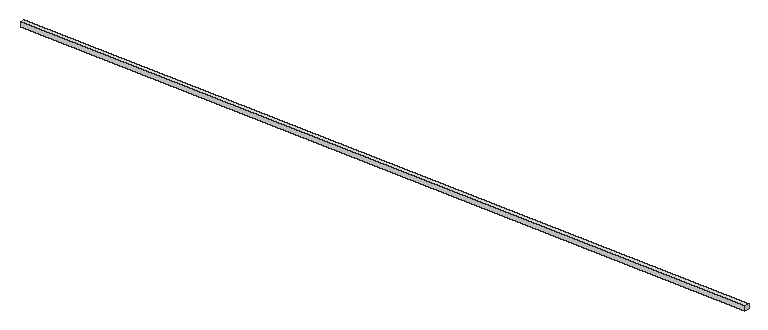
Revit family "MarshallTufflex_ElectricalFittings_TrunkingDado_Mini_MMT1a", category Generic Models, host Face, Revit 2016 (continued)
Definition of nested family "MarshallTufflex_ElectricalFittings_TrunkingDado_ExternalBend"
  Parameters (values of type "MarshallTufflex_ElectricalFittings_TrunkingDado_Mini_ExternalBend_TEB6")
    NominalLength = 0.000 mm
    NominalHeight = 0.000 mm
    NominalDepth = 0.000 mm
    NBSReference = "90-55-10/390"
    NBSOfficeMasterTag = "n/a"
    NBSObjectName = "MT MiniExternalBendTEB6"
    NBSNote = ""
    NBSDescription = "Proprietry Tunking"
    Monthly [instance] = "Please Record On Commisioning"
    ModelReference = "Mini"
    ModelNumber = "TEB6"
    Model = "Mini"
    MaterialIngredientReporting = "n/a"
    Material = "PVCu"
    ManufacturerWebsite = "www.marshall-tufflex.com"
    ManufacturerName = "Marshall-Tufflex Ltd"
    Manufacturer = "Marshall-Tufflex Ltd"
    LocationOfManufacturer = "N 50°52'39\" E 0°31'41\""
    LifeCycleAnalysis = "n/a"
    LidConfiguration = "Tamper Proof"
    Keynote = "V90"
    InstallationDate [instance] = "Please Record On Commisioning"
    IfcExportType = "IfcCableSegmentType"
    IfcExportAs = "IfcFlowSegment"
    GrossWeight = 0
    GreenGuideforSpecification = 0
    Grade = "n/a"
    Fittings = "www.marshall-tufflex.com"
    Finish = "Matt"
    Features = "Variety of sizes, self-fixing and punched options"
    ExpectedLife = 0
    ErPEnergyLabel = "n/a"
    EnvironmentalProductDeclaration = "n/a"
    EnergyTechnologyList = "n/a"
    EnclosureRating = "IP4X"
    EmbodiedCarbon = 0
    DurationUnit = "Years"
    DocumentationTechnical = "www.marshall-tufflex.com"
    DocumentationMaintenance = "www.marshall-tufflex.com"
    DocumentationLiterature = "www.marshall-tufflex.com"
    DocumentationInstallationGuide = "www.marshall-tufflex.com"
    DocumentationCertificates = "www.marshall-tufflex.com"
    Description = "Trunking Dado MT Mini External Bend TEB6"
    Default Elevation = 1200.000 mm
    Daily [instance] = "Please Record On Commisioning"
    CreatedOn = "2018-11-16T09:00:00"
    CreatedBy = "Sales@marshall-tufflex.com"
    Cost = 0
    Constituents = "Mini Trunking"
    Compartments = "No"
    Colour = "White (RAL9003)"
    Color = "White (RAL9003)"
    CodePerformance = "n/a"
    ClassificationValue = "Pr_65_70_11_61"
    ClassificationName = "Uniclass2015"
    CEApproval = "Yes"
    BespokeTimeframe [instance] = "Please Record On Commisioning"
    BarCode [instance] = "Please Record On Commisioning"
    BIMObjectName = "MarshallTufflex_ElectricalFittings_TrunkingDado_Mini_ExternalBend_TEB6"
    AssetType = "Fixed"
    AssetIdentifier [instance] = "Please Record On Commisioning"
    Assembly Code = "D5010"
    Annually [instance] = "Please Record On Commisioning"
    AccessoryBoxDepth = "n/a"
    Accessories = "www.marshall-tufflex.com"
    AccessibilityPerformance = "n/a"
    AccessClearanceTop = 0.000 mm
    AccessClearanceRight = 0.000 mm
    AccessClearanceRear = 0.000 mm
    AccessClearanceLeft = 0.000 mm
    AccessClearanceFront = 0.000 mm
    AccessClearanceBottom = 0.000 mm
    6Monthly [instance] = "Please Record On Commisioning"
  Types (6, lengths in mm): name | Type Comments | Shape | ProductModelNumber | OverallWidth | OverallLength | OverallHeight | NBSObjectName | ModelNumber | Description | CreatedOn | BIMObjectName
    MarshallTufflex_ElectricalFittings_TrunkingDado_Mini_ExternalBend_TEB1 | "Dado Trunking MMT1 External Bend" | "50x25mm" | "TEB1" | 19.000 | 35.000 | 18.000 | "MT MiniExternalBendTEB1" | "TEB1" | "Trunking Dado MT Mini External Bend TEB1" | "2018-11-16T09:00:00" | "MarshallTufflex_ElectricalFittings_TrunkingDado_Mini_ExternalBend_TEB1"
    MarshallTufflex_ElectricalFittings_TrunkingDado_Mini_ExternalBend_TEB2 | "Dado Trunking MMT2 External Bend" | "25x16mm" | "TEB2" | 28.000 | 35.000 | 18.000 | "MT MiniExternalBendTEB2" | "TEB2" | "Trunking Dado MT Mini External Bend TEB2" | "2018-11-16T09:00:00" | "MarshallTufflex_ElectricalFittings_TrunkingDado_Mini_ExternalBend_TEB2"
    MarshallTufflex_ElectricalFittings_TrunkingDado_Mini_ExternalBend_TEB3 | "Dado Trunking MMT3 External Bend" | "38x16mm" | "TEB3" | 41.000 | 35.000 | 18.000 | "MT MiniExternalBendTEB3" | "TEB3" | "Trunking Dado MT Mini External Bend TEB3" | "2018-11-16T09:00:00" | "MarshallTufflex_ElectricalFittings_TrunkingDado_Mini_ExternalBend_TEB3"
    MarshallTufflex_ElectricalFittings_TrunkingDado_Mini_ExternalBend_TEB4 | "Dado Trunking MMT4 External Bend" | "38x25mm" | "TEB4" | 41.000 | 44.000 | 27.000 | "MT MiniExternalBendTEB4" | "TEB4" | "Trunking Dado MT Mini External Bend TEB4" | "2018-11-16T09:00:00" | "MarshallTufflex_ElectricalFittings_TrunkingDado_Mini_ExternalBend_TEB4"
    MarshallTufflex_ElectricalFittings_TrunkingDado_Mini_ExternalBend_TEB5 | "Dado Trunking MMT5 External Bend" | "50x25mm" | "TEB5" | 53.000 | 45.000 | 27.000 | "MT MiniExternalBendTEB5" | "TEB5" | "Trunking Dado MT Mini External Bend TEB5" | "2018-11-26T09:00:00" | "MarshallTufflex_ElectricalFittings_TrunkingDado_Mini_ExternalBend_TEB5"
    MarshallTufflex_ElectricalFittings_TrunkingDado_Mini_ExternalBend_TEB6 | "Dado Trunking MMT6 External Bend" | "38x38mm" | "TEB6" | 38.000 | 56.000 | 38.000 | "MT MiniExternalBendTEB6" | "TEB6" | "Trunking Dado MT Mini External Bend TEB6" | "2018-11-16T09:00:00" | "MarshallTufflex_ElectricalFittings_TrunkingDado_Mini_ExternalBend_TEB6"
  Reference planes
    plane 1 "Center (Front/Back)": y = 0
    plane 2: z = 0
    plane 3 "Center (Left/Right)": x = 0
    plane 4: y = 19
    plane 5: y = -19
    plane 6: x = 18
    plane 7: x = 56
    plane 8: z = 38
    plane 9: z = -18
  Forms (mm)
    Extrusion 1, solid
      sketch origin (0, 0, 0) x (1, 0, 0) y (0, 1, 0)
        loop
          line (-1219.2, 1219.2) -> (-1219.2, -1219.2) -> (1219.2, -1219.2) -> (1219.2, 1219.2) -> (-1219.2, 1219.2)
      from 0 to -304.8
    Extrusion 2, solid
      sketch origin (0, 0, 0) x (1, 0, 0) y (0, 0, 1)
        loop
          line (0, 38) -> (0, 0) -> (18, 0) -> (18, -18) -> (56, -18) -> (56, 38) -> (0, 38)
      from -19 to 19
  Dimensions and locks
    "OverallHeight": plane 6 to plane 7
    "OverallLength": plane 3 "Center (Left/Right)" to plane 7
    "OverallWidth": plane 4 to plane 5
    equal spacing: plane 4, plane 1 "Center (Front/Back)", plane 5
    "OverallHeight": plane 8 to Extrusion 1
    "OverallLength": plane 8 to plane 9
    aligned and locked: plane 2 to Extrusion 1
    aligned and locked: level to Extrusion 1
    aligned and locked: Extrusion 2 sketch curve to plane 8
    aligned and locked: Extrusion 2 sketch curve to plane 7
    aligned and locked: plane 9 to Extrusion 2 sketch curve
    aligned and locked: plane 6 to Extrusion 2 sketch curve
    aligned and locked: Extrusion 1 to Extrusion 2 sketch curve
    aligned and locked: plane 3 "Center (Left/Right)" to Extrusion 2 sketch curve
    aligned and locked: plane 4 to Extrusion 2
    aligned and locked: Extrusion 2 to plane 5
  Automatic sketch dimensions
    Extrusion 1 sketch curve to Extrusion 1 sketch curve = 2438.400 mm  (x2)
Definition of nested family "MarshallTufflex_ElectricalFittings_TrunkingDado_SquareAngle"
  Parameters (values of type "MarshallTufflex_ElectricalFittings_TrunkingDado_Mini_SquareAngle_TFB1")
    _DistributedBy = "www.bimstore.co.uk"
    _CurrentRevision = 1
    _CreatedBy = "www.marshall-tufflex.com"
    _BimSpecGuid = 0
    _BSBibleVersion = 15
    _AuthorizedBy = ""
    _Author = "Marshall-Tufflex Ltd"
    Weekly [instance] = "Please Record On Commisioning"
    WarrantyStartDate [instance] = "Please Record On Commisioning"
    WarrantyID [instance] = "Please Record On Commisioning"
    WarrantyGuarantorParts = "Sales@marshall-tufflex.com"
    WarrantyGuarantorLabor [instance] = "Please Record On Commisioning"
    WarrantyDurationUnit = "Years"
    WarrantyDurationParts = 0
    WarrantyDurationLabor = 0
    WarrantyDescription [instance] = "Please Record On Commisioning"
    URL = "www.marshall-tufflex.com"
    TypeName = "Marshall Tufflex Electrical Fitting Trunking Dado Mini"
    Type Comments = "Dado Trunking MMT1 Square Angle"
    Type = "Trunking"
    Sub-Type = "Fitting"
    SpareParts = "Sales@marshall-tufflex.com"
    ShippingWeight = 0
    Shape = "16x16mm"
    SerialNumber [instance] = "Please Record On Commisioning"
    ResponsibleSourcingOfMaterials = "n/a"
    ResponsibleExtractionOfMaterials = "n/a"
    ReplacementCost = "Sales@marshall-tufflex.com"
    ReferencedStandard = "BS EN 50085-1"
    ReferenceStandard = "BS EN 50085-1"
    Quarterly [instance] = "Please Record On Commisioning"
    ProductionYear = "2018"
    ProductRange = "Mini"
    ProductModelNumber = "TFB1"
    ProductLiterature = "www.marshall-tufflex.com"
    OverallWidth = 19.000 mm
    OverallLength = 35.000 mm
    OverallHeight = 18.000 mm
    O&Mmanual = "www.marshall-tufflex.com"
    NominalLength = 0.000 mm
    NominalHeight = 0.000 mm
    NominalDepth = 0.000 mm
    NBSReference = "90-55-10/390"
    NBSOfficeMasterTag = "n/a"
    NBSObjectName = "MT MiniSquareAngleTFB1"
    NBSNote = ""
    NBSDescription = "Proprietry Tunking"
    Monthly [instance] = "Please Record On Commisioning"
    ModelReference = "Mini"
    ModelNumber = "TFB1"
    Model = "Mini"
    MaterialIngredientReporting = "n/a"
    Material = "PVCu"
    ManufacturerWebsite = "www.marshall-tufflex.com"
    ManufacturerName = "Marshall-Tufflex Ltd"
    Manufacturer = "Marshall-Tufflex Ltd"
    LocationOfManufacturer = "N 50°52'39\" E 0°31'41\""
    LifeCycleAnalysis = "n/a"
    LidConfiguration = "Tamper Proof"
    Keynote = "V90"
    InstallationDate [instance] = "Please Record On Commisioning"
    IfcExportType = "IfcCableSegmentType"
    IfcExportAs = "IfcFlowSegment"
    GrossWeight = 0
    GreenGuideforSpecification = 0
    Grade = "n/a"
    Fittings = "www.marshall-tufflex.com"
    Finish = "Matt"
    Features = "Variety of sizes, self-fixing and punched options"
    ExpectedLife = 0
    ErPEnergyLabel = "n/a"
    EnvironmentalProductDeclaration = "n/a"
    EnergyTechnologyList = "n/a"
    EnclosureRating = "IP4X"
    EmbodiedCarbon = 0
    DurationUnit = "Years"
    DocumentationTechnical = "www.marshall-tufflex.com"
    DocumentationMaintenance = "www.marshall-tufflex.com"
    DocumentationLiterature = "www.marshall-tufflex.com"
    DocumentationInstallationGuide = "www.marshall-tufflex.com"
    DocumentationCertificates = "www.marshall-tufflex.com"
    Description = "Trunking Dado MT Mini Square Angle TFB1"
    Default Elevation = 1200.000 mm
    Daily [instance] = "Please Record On Commisioning"
    CreatedOn = "2018-11-16T09:00:00"
    CreatedBy = "Sales@marshall-tufflex.com"
    Cost = 0
    Constituents = "Mini Trunking"
    Compartments = "No"
    Colour = "White (RAL9003)"
    Color = "White (RAL9003)"
    CodePerformance = "n/a"
    ClassificationValue = "Pr_65_70_11_61"
    ClassificationName = "Uniclass2015"
    CEApproval = "Yes"
    BespokeTimeframe [instance] = "Please Record On Commisioning"
    BarCode [instance] = "Please Record On Commisioning"
    BIMObjectName = "MarshallTufflex_ElectricalFittings_TrunkingDado_Mini_SquareAngle_TFB1"
    AssetType = "Fixed"
    AssetIdentifier [instance] = "Please Record On Commisioning"
    Assembly Code = "D5010"
    Annually [instance] = "Please Record On Commisioning"
    AccessoryBoxDepth = "n/a"
    Accessories = "www.marshall-tufflex.com"
    AccessibilityPerformance = "n/a"
    AccessClearanceTop = 0.000 mm
    AccessClearanceRight = 0.000 mm
    AccessClearanceRear = 0.000 mm
    AccessClearanceLeft = 0.000 mm
    AccessClearanceFront = 0.000 mm
    AccessClearanceBottom = 0.000 mm
    6Monthly [instance] = "Please Record On Commisioning"
  Types (6, lengths in mm): name | Type Comments | Shape | ProductModelNumber | OverallWidth | OverallLength | OverallHeight | NBSObjectName | ModelNumber | Description | CreatedOn | BIMObjectName
    MarshallTufflex_ElectricalFittings_TrunkingDado_Mini_SquareAngle_TFB1 | "Dado Trunking MMT1 Square Angle" | "16x16mm" | "TFB1" | 19.000 | 35.000 | 18.000 | "MT MiniSquareAngleTFB1" | "TFB1" | "Trunking Dado MT Mini Square Angle TFB1" | "2018-11-16T09:00:00" | "MarshallTufflex_ElectricalFittings_TrunkingDado_Mini_SquareAngle_TFB1"
    MarshallTufflex_ElectricalFittings_TrunkingDado_Mini_SquareAngle_TFB2 | "Dado Trunking MMT2 Square Angle" | "25x16mm" | "TFB2" | 28.000 | 44.000 | 18.000 | "MT MiniSquareAngleTFB2" | "TFB2" | "Trunking Dado MT Mini Square Angle TFB2" | "2018-11-16T09:00:00" | "MarshallTufflex_ElectricalFittings_TrunkingDado_Mini_SquareAngleTFB2"
    MarshallTufflex_ElectricalFittings_TrunkingDado_Mini_SquareAngle_TFB3 | "Dado Trunking MMT3 Square Angle" | "38x16mm" | "TFB3" | 41.000 | 57.000 | 18.000 | "MT MiniSquareAngleTFB3" | "TFB3" | "Trunking Dado MT Mini Square Angle TFB3" | "2018-11-16T09:00:00" | "MarshallTufflex_ElectricalFittings_TrunkingDado_Mini_SquareAngle_TFB3"
    MarshallTufflex_ElectricalFittings_TrunkingDado_Mini_SquareAngle_TFB4 | "Dado Trunking MMT4 Square Angle" | "38x25mm" | "TFB4" | 41.000 | 57.000 | 27.000 | "MT MiniSquareAngleTFB4" | "TFB4" | "Trunking Dado MT Mini Square Angle TFB4" | "2018-11-16T09:00:00" | "MarshallTufflex_ElectricalFittings_TrunkingDado_Mini_SquareAngle_TFB4"
    MarshallTufflex_ElectricalFittings_TrunkingDado_Mini_SquareAngle_TFB5 | "Dado Trunking MMT5 Square Angle" | "50x25mm" | "TFB5" | 53.000 | 69.000 | 27.000 | "MT MiniSquareAngleTFB5" | "TFB5" | "Trunking Dado MT Mini Square Angle TFB5" | "2018-11-26T09:00:00" | "MarshallTufflex_ElectricalFittings_TrunkingDado_Mini_SquareAngle_TFB5"
    MarshallTufflex_ElectricalFittings_TrunkingDado_Mini_SquareAngle_TFB6 | "Dado Trunking MMT6 Square Angle" | "38x38mm" | "TFB6" | 42.000 | 58.000 | 40.000 | "MT MiniSquareAngleTFB6" | "TFB6" | "Trunking Dado MT Mini Square Angle TFB6" | "2018-11-16T09:00:00" | "MarshallTufflex_ElectricalFittings_TrunkingDado_Mini_SquareAngle_TFB6"
  Reference planes
    plane 1 "Center (Front/Back)": y = 0
    plane 2: z = 0
    plane 3 "Center (Left/Right)": x = 0
    plane 4: z = 18
    plane 5: y = 9.5
    plane 6: x = 9.5
    plane 7: y = -9.5
    plane 8: x = -9.5
    plane 9: x = -25.5
    plane 10: y = -25.5
  Forms (mm)
    Extrusion 1, solid
      sketch origin (0, 0, 0) x (1, 0, 0) y (0, 1, 0)
        loop
          line (-1219.2, 1219.2) -> (-1219.2, -1219.2) -> (1219.2, -1219.2) -> (1219.2, 1219.2) -> (-1219.2, 1219.2)
      from 0 to -304.8
    Extrusion 2, solid
      sketch origin (0, 0, 0) x (1, 0, 0) y (0, 1, 0)
        loop
          line (-25.5, -9.5) -> (-9.5, -9.5) -> (-9.5, -25.5) -> (9.5, -25.5) -> (9.5, 9.5) -> (-25.5, 9.5) -> (-25.5, -9.5)
      from 0 to 18
  Dimensions and locks
    "OverallHeight": plane 4 to Extrusion 1
    equal spacing: plane 8, plane 3 "Center (Left/Right)", plane 6
    equal spacing: plane 5, plane 1 "Center (Front/Back)", plane 7
    "OverallLength": plane 5 to plane 10
    "OverallWidth": plane 5 to plane 7
    "OverallWidth": plane 8 to plane 6
    "OverallLength": plane 9 to plane 6
    aligned and locked: plane 2 to Extrusion 1
    aligned and locked: level to Extrusion 1
    aligned and locked: plane 7 to Extrusion 2 sketch curve
    aligned and locked: plane 8 to Extrusion 2 sketch curve
    aligned and locked: plane 10 to Extrusion 2 sketch curve
    aligned and locked: Extrusion 2 sketch curve to plane 6
    aligned and locked: Extrusion 2 sketch curve to plane 5
    aligned and locked: plane 9 to Extrusion 2 sketch curve
    aligned and locked: plane 4 to Extrusion 2
  Automatic sketch dimensions
    Extrusion 1 sketch curve to Extrusion 1 sketch curve = 2438.400 mm  (x2)
Types (2, lengths in mm): name | TypeName | ProductModelNumber | NBSObjectName | ModelNumber | Description | BIMObjectName
  MMT1 | "Marshall Tufflex Electrical Fitting Trunking Dado Mini" | "MMT1" | "MT MiniTrunkingMMT1" | "MMT1" | "Trunking Dado MT Mini MMT1" | "MarshallTufflex_ElectricalFittings_TrunkingDado_Mini_MMT1"
  MMT1SF | "Marshall Tufflex Electrical Fitting Trunking Dado Self Fixing Mini" | "MMT1SF" | "MT MiniTrunkingMMT1SF" | "MMT1SF" | "Trunking Dado MT Mini MMT1SF" | "MarshallTufflex_ElectricalFittings_TrunkingDado_Mini_MMT1SF"
